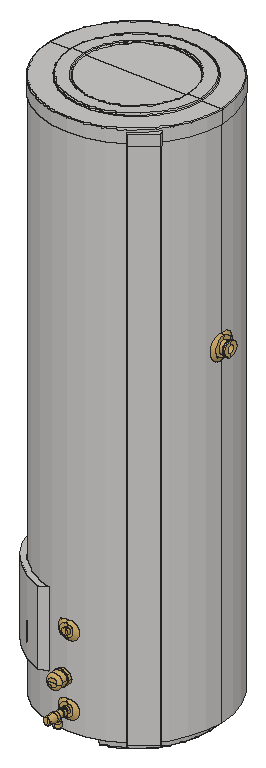
Revit family "HVAC_Water-Heaters_Enertech_CTC_Modul-400-L", category Specialty Equipment, Revit 2018
Family settings
  Round Connector Dimension = Use Diameter
  Part Type = Normal
  OmniClass Number = 23.75.00.00
  OmniClass Title = Climate Control (HVAC)
  Work Plane-Based = No
  Always vertical = No
  Cut with Voids When Loaded = No
  Shared = No
  Room Calculation Point = No
Parameters (values of type "CTC Modul 400 L")
  Weight = "58 kg"
  WaterVolumeWaterSuply = "380 liters"
  WaterVolumeHeathingSystem = "N/A"
  WarrantyStartDate [instance] = "n/a"
  WarrantyGuarantorParts = "n/a"
  WarrantyGuarantorLabor = "n/a"
  WarrantyDurationUnit = "Year"
  WarrantyDurationParts = "n/a"
  WarrantyDurationLabor = "n/a"
  WarrantyDescription = "n/a"
  VersionDate = "24/05/2022"  # constant formula
  Version = "1"  # constant formula
  UsageCurrent = 0 A
  Uniclass2015Reference = "Pr_40_70_65"
  Uniclass2015Description = "Preparation catering equipment"
  Uniclass2 = "Pr_40_70_65"
  URL = "https://ctc.se/produkter/varmvattenberedare/ctc-modul"
  UNSPSCCode = "40101825"
  Type Comments = ""
  Touchscreen = "no"
  TagNumber [instance] = "n/a"
  SustainabilityPerformance = "n/a"
  Status = "n/a"
  SpecifiedOutput = "N/A"
  SoundPowerLWA = "N/A"
  Sound pressureLPA 5m = "N/A"
  Sound pressureLPA 1m = "N/A"
  Sound pressureLPA 10m = "N/A"
  Size = "Ø 646 x 2132 mm"
  Shape = "round"
  SerialNumber [instance] = "7225 xxxx xxxx"
  SCOPWarm = "N/A"
  SCOPModerate = "N/A"
  SCOPCold = "N/A"
  Revision = "n/a"  # constant formula
  ReplacementCost = "n/a"
  RefrigerantType = "N/A"
  RefrigerantQuantity = "N/A"
  ReferenceAirFlowRate = "N/A"
  Reference = "n/a"
  RatedVoltage = 1200 V
  RatedHeatOutputModerate = "N/A"
  RatedCurrent = 1 A
  PumpSecondaryMaterial = Brass
  PumpMainMaterial = Stainless Steel
  ProductInformation = "A stainless steel hot water heater, specially developed for high hot water demands, suitable for use together with heat pumps, solar panels or other external heat sources. \nThe series comprises of heaters and a tank, which can be easily connected in series to the capacity of your choice. "
  Product data url = ""
  PowerFactor = 0 W
  PhaseReference = "n/a"
  PhaseAngle = 0.00°
  OutputRangeIimmersionHeater = "N/A"
  OutputRange = "N/A"
  NumberOfPoles = 1
  NominalWidth = 652 mm
  NominalVoltage = 1 V
  NominalHeight = 2143.929 mm
  NominalFrequencyRange = 1 Hz
  NominalDepth = 652 mm
  NominalCurrent = 0 A
  Nominal air flow = "N/A"
  Name = "CTC_Modul-400-L"  # constant formula
  NBSReference = "90-40-40/320"
  NBSDescription = "Air to water heat pumps"
  ModelReference = "n/a"
  ModelNumber = "589802001"
  MinimumCeilingHeight = "2210 mm"
  MaxStartingCurrent = "N/A"
  MaxOperatingPressureThermalStore = "N/A"
  MaxOperatingPressureHotWater = "10 bar"
  Material = "Steel"
  ManufacturerURL = "https://ctc.se/"
  ManufacturerName = "Enertech AB"
  Model = "CTC Modul 400 L"
  ManufacturerCountry = "Sweden"
  Manufacturer = "Enertech AB"
  InsulationStandardClass = "n/a"
  InstallationDate [instance] = "n/a"
  InPutPower = "N/A"
  IfcExportType = "HEATER"  # constant formula
  IfcExportAs = "IfcElectricalDeviceCommon"  # constant formula
  IP_Code = "IP44"
  HotTapWaterPerformance = "N/A"
  HasProtectiveEarth = yes
  GroupFuse = "N/A"
  Grade = "n/a"
  Finish = "n/a"
  Features = "n/a"
  ExpectedLife = "n/a"
  EnergyClass_HotWater_TapProfile = "A/XL"
  EnergyClassHeatingWithoutControl = "N/A"
  EnergyClassHeatingWithControl = "N/A"
  ElectricalDeviceNominalPower = 1 W
  EER A35: W7/W18 = "N/A"
  EER A27: W7/W18 = "N/A"
  EANNumber = "7333077095482"
  DurationUnit = "Year"
  Description = "A stainless steel hot water heater, specially developed for high hot water demands, suitable for use together with heat pumps, solar panels or other external heat sources. \nThe series comprises of heaters and a tank, which can be easily connected in series to the capacity of your choice. "
  Cost = 0
  CoolingCapacity A27: W7/W18 = "N/A"
  Cooling capacity A35: W7/W18 = "N/A"
  Constituents = "n/a"
  ConductorFunction = "n/a"
  Color = "white"
  CodePerformance = "n/a"
  Capacity = "N/A"
  COP = "N/A"
  CO2Equivalent = "N/A"
  BrineSystem_Min_MaxPressure = "N/A"
  Barcode [instance] = "n/a"
  AssetIdentifier [instance] = "n/a"
  Category = "Water heater"
  Brand = "CTC"
  BIMObjectName = "HVAC_Water-Heaters_Enertech_CTC_Modul-400-L"  # constant formula
  Author = "BIMStone"  # constant formula
  AssetType = "Fixed"
  Artikel nr. = ""
  AirFlow = "N/A"
  Accessories = ""
  AccessibilityPerformance = "n/a"
Reference planes
  plane 1 "Center (Front/Back)": y = 0
  plane 2: z = 0
  plane 3 "Center (Left/Right)": x = 0
  plane 4: z = 2143.929
  plane 5: y = 326
  plane 6: y = -326
  plane 7: x = -326
  plane 8: x = 326
Dimensions and locks
  "NominalHeight": plane 4 to level
  equal spacing: plane 5, plane 1 "Center (Front/Back)", plane 6
  "NominalDepth": plane 5 to plane 6
  equal spacing: plane 7, plane 3 "Center (Left/Right)", plane 8
  "NominalWidth": plane 7 to plane 8
  aligned and locked: level to plane 2
Nested families
  nested 1: "Modul-400-E15" at (0, 0, 0), Body <- "PumpMainMaterial", Connections <- "PumpSecondaryMaterial", Detail <- "PumpMainMaterial", type "Modul-400-E15"
    with Detail Stainless Steel, Connections Brass, Body Stainless Steel
Connectors
  electrical at (0, 88.258, 11.929), driven by "NominalVoltage"
    settings: on nested 1, index 1, voltage 1 V, apparent load 0 VA, apparent load phase1 0 VA, apparent load phase2 0 VA, apparent load phase3 0 VA, power factor 1, load classification "Other", number of poles 1, system type 31, power factor state 1, is connector primary yes, connector utility no, sub classification motor no, connector description ""
Definition of nested family "Modul-400-E15"
  Parameters (values of type "Modul-400-E15")
    Detail [instance] = none
    Connections [instance] = none
    Body [instance] = none
  Reference planes
    plane 1 "Center (Front/Back)": y = 0
    plane 2: z = 0
    plane 3 "Center (Left/Right)": x = 0
    plane 4: z = 2143.929
    plane 5: x = -326
    plane 6: x = 326
    plane 7: y = -326
    plane 8: y = 326
  Forms (mm)
    Revolve 1, solid, material <- "Body", detail levels medium+fine
      sketch origin (0, 0, 0) x (1, 0, 0) y (0, 0, 1)
        loop
          line (0, 2088.1) -> (-323, 2088.1) -> (-323, 56.6) -> (0, 56.6) -> (0, 2088.1)
        axis (0, 56.6) -> (0, 2088.1)
      angle from 0 to 360
    Extrusion 2, void
      sketch origin (0, 0, 0) x (1, 0, 0) y (0, 1, 0)
        loop
          line (-65.389, -203.149) -> (-78.498, -292.329) -> (78.498, -292.329) -> (65.389, -203.149) -> (208.301, 292.329) -> (185.67, 292.329) -> (50.916, -173.945)
          arc (50.916, -173.945) -> (0, -212.23) -> (-50.916, -173.945) r 53
          line (-50.916, -173.945) -> (-185.67, 292.329) -> (-208.301, 292.329) -> (-65.389, -203.149)
      from 0 to 40
    Revolve 3, solid, material <- "Detail", detail levels medium+fine
      sketch origin (0, 223.5, 0) x (1, 0, 0) y (0, 0, 1)
        loop
          line (0, 0) -> (0, 22.972)
          arc (0, 22.972) -> (-7.73, 18.865) -> (-14.115, 12.878) r 33.139
          arc (-14.115, 12.878) -> (-16.138, 8.669) -> (-16.018, 4) r 9.947
          line (-16.018, 4) -> (-23.523, 4) -> (-23.523, 0) -> (0, 0)
        axis (0, 22.972) -> (0, 0)
      angle from 0 to 360
    Revolve 4, solid, material <- "Detail", detail levels medium+fine
      sketch origin (193.557, -111.75, 0) x (-0.5, -0.866025, 0) y (0, 0, 1)
        loop
          line (0, 0) -> (0, 22.972)
          arc (0, 22.972) -> (-7.73, 18.865) -> (-14.115, 12.878) r 33.139
          arc (-14.115, 12.878) -> (-16.138, 8.669) -> (-16.018, 4) r 9.947
          line (-16.018, 4) -> (-23.523, 4) -> (-23.523, 0) -> (0, 0)
        axis (0, 22.972) -> (0, 0)
      angle from 0 to 360
    Revolve 5, solid, material <- "Detail", detail levels medium+fine
      sketch origin (-193.557, -111.75, 0) x (0.5, -0.866025, 0) y (0, 0, -1)
        loop
          line (0, 0) -> (-23.523, 0) -> (-23.523, -4) -> (-16.018, -4)
          arc (-16.018, -4) -> (-16.138, -8.669) -> (-14.115, -12.878) r 9.947
          arc (-14.115, -12.878) -> (-7.73, -18.865) -> (0, -22.972) r 33.139
          line (0, -22.972) -> (0, 0)
        axis (0, -22.972) -> (0, 0)
      angle from 0 to 360
    Extrusion 6, solid, material <- "Detail", detail levels medium+fine
      sketch origin (0, 0, 0) x (1, 0, 0) y (0, 1, 0)
        loop
          arc (-333.465, -84.481) -> (-253.623, -232.403) -> (-113.223, -324.833) r 344
          line (-113.223, -324.833) -> (-82.763, -312.217)
          arc (-82.763, -312.217) -> (-238.141, -218.216) -> (-318.242, -55.237) r 323
          line (-318.242, -55.237) -> (-333.465, -84.481)
      from 228.199 to 511.135
    Revolve 7, solid, material <- "Connections", detail levels medium+fine
      sketch origin (-41.555, 0, 0) x (1, 0, 0) y (0, 0, 1)
        loop
          line (-315.295, 1361.3) -> (-315.295, 1350.3) -> (-273.295, 1350.3) -> (-273.295, 1390.8) -> (-288.295, 1370.8) -> (-288.295, 1358.3) -> (-303.295, 1358.3)
          arc (-303.295, 1358.3) -> (-303.588, 1357.593) -> (-304.295, 1357.3) r 1
          line (-304.295, 1357.3) -> (-308.795, 1357.3) -> (-310.595, 1361.3) -> (-315.295, 1361.3)
        loop
          line (398.405, 1361.3) -> (393.705, 1361.3) -> (391.905, 1357.3) -> (387.405, 1357.3)
          arc (387.405, 1357.3) -> (386.698, 1357.593) -> (386.405, 1358.3) r 1
          line (386.405, 1358.3) -> (371.405, 1358.3) -> (371.405, 1370.8) -> (356.405, 1390.8) -> (356.405, 1350.3) -> (398.405, 1350.3) -> (398.405, 1361.3)
        axis (398.405, 1334.156) -> (-315.295, 1334.156)
      angle from 0 to 360
    Revolve 8, solid, material <- "Connections", detail levels medium+fine
      sketch origin (0, -39.85, 0) x (0, 1, 0) y (0, 0, 1)
        loop
          line (-382, 145.3) -> (-382, 132.761) -> (-279.601, 132.761) -> (-279.601, 171.665) -> (-290, 157.8) -> (-290, 145.295) -> (-301, 145.295) -> (-301, 143.8)
          arc (-301, 143.8) -> (-301.146, 144.154) -> (-301.5, 144.3) r 0.5
          line (-301.5, 144.3) -> (-303, 144.3) -> (-304, 144.8) -> (-305.002, 144.8) -> (-305.002, 145.8)
          arc (-305.002, 145.8) -> (-305.148, 146.154) -> (-305.502, 146.3) r 0.5
          line (-305.502, 146.3) -> (-314, 146.3) -> (-314, 142.3) -> (-318, 142.3) -> (-318, 143.55) -> (-321, 143.55) -> (-321, 145.3) -> (-338.5, 145.3) -> (-341, 148.3) -> (-353, 148.3) -> (-382, 145.3)
        axis (-279.601, 132.761) -> (-382, 132.761)
      angle from 0 to 360
    Revolve 9, solid, material <- "Connections", detail levels medium+fine
      sketch origin (0, -39.85, 0) x (0, 1, 0) y (0, 0, 1)
        loop
          line (-333, 132.761) -> (-342.646, 132.761) -> (-342.646, 116.154) -> (-343.5, 115.3) -> (-343.5, 106.8) -> (-346.5, 106.8) -> (-346.5, 97.8) -> (-345, 97.8) -> (-345, 96.8) -> (-344.5, 95.8) -> (-344.5, 94.3)
          arc (-344.5, 94.3) -> (-344.354, 93.946) -> (-344, 93.8) r 0.5
          line (-344, 93.8) -> (-333, 93.8) -> (-333, 132.761)
        axis (-333, 93.8) -> (-333, 132.761)
      angle from 0 to 360
    Revolve 10, solid, material <- "Connections", detail levels medium+fine
      sketch origin (0, 0, 236.341) x (1, 0, 0) y (0, 1, 0)
        loop
          line (-18.613, -302.394) -> (-47.538, -302.394) -> (-47.538, -332.876) -> (-41.904, -332.876) -> (-41.904, -340.373) -> (-45.808, -340.373) -> (-45.808, -362.394)
          arc (-45.808, -362.394) -> (-42.879, -369.466) -> (-35.808, -372.394) r 10
          line (-35.808, -372.394) -> (-18.613, -372.394) -> (-18.613, -302.394)
        axis (-18.613, -302.394) -> (-18.613, -372.394)
      angle from 0 to 360
    Revolve 11, solid, material <- "Detail", detail levels medium+fine
      sketch origin (0, 0, 0) x (1, 0, 0) y (0, 0, 1)
        loop
          line (0, 11.929) -> (0, 101.6) -> (-287.469, 101.6) -> (-292.329, 81.456)
          arc (-292.329, 81.456) -> (-290.737, 79.176) -> (-288.25, 77.931) r 5.65
          arc (-288.25, 77.931) -> (-285.009, 45.784) -> (-278.387, 14.16) r 305.049
          arc (-278.387, 14.16) -> (-277.316, 12.551) -> (-275.487, 11.929) r 3
          line (-275.487, 11.929) -> (0, 11.929)
        loop
          line (-326, 2088.1) -> (0, 2088.1) -> (0, 2138.1) -> (-192.26, 2138.1)
          arc (-192.26, 2138.1) -> (-194.205, 2138.906) -> (-195.011, 2140.851) r 2.751
          arc (-195.011, 2140.851) -> (-195.816, 2142.795) -> (-197.76, 2143.6) r 2.749
          line (-197.76, 2143.6) -> (-242.261, 2143.6)
          arc (-242.261, 2143.6) -> (-244.205, 2142.795) -> (-245.011, 2140.851) r 2.749
          arc (-245.011, 2140.851) -> (-245.816, 2138.906) -> (-247.761, 2138.1) r 2.751
          line (-247.761, 2138.1) -> (-323, 2138.1)
          arc (-323, 2138.1) -> (-325.121, 2137.221) -> (-326, 2135.1) r 3
          line (-326, 2135.1) -> (-326, 2088.1)
        axis (0, 11.929) -> (0, 2143.6)
      angle from 0 to 360
    Extrusion 12, solid, material <- "Body", detail levels coarse
      sketch origin (0, 0, 0) x (1, 0, 0) y (0, 1, 0)
        loop
          line (-326, 326) -> (-326, -326) -> (326, -326) -> (326, 326) -> (-326, 326)
      from 0 to 2143.929
    Extrusion 13, solid, material <- "Detail", detail levels medium+fine
      sketch origin (0, 0, 0) x (1, 0, 0) y (0, 1, 0)
        loop
          line (-266.595, 216.188) -> (-245.99, 193.701) -> (-171.525, 261.936) -> (-192.13, 284.423)
          arc (-192.13, 284.423) -> (-193.171, 284.908) -> (-194.25, 284.515) r 1.5
          line (-194.25, 284.515) -> (-266.503, 218.308)
          arc (-266.503, 218.308) -> (-266.988, 217.267) -> (-266.595, 216.188) r 1.5
        loop
          arc (266.503, -218.308) -> (266.988, -217.267) -> (266.595, -216.188) r 1.5
          line (266.595, -216.188) -> (245.99, -193.701) -> (171.525, -261.936) -> (192.13, -284.423)
          arc (192.13, -284.423) -> (193.171, -284.908) -> (194.25, -284.516) r 1.5
          line (194.25, -284.516) -> (266.503, -218.308)
      from 56.6 to 2088.1
    Extrusion 14, solid, material <- "Detail", detail levels medium+fine
      sketch origin (0, 0, 0) x (1, 0, 0) y (0, 1, 0)
        loop
          line (246.082, -191.582) -> (169.406, -261.844) -> (191.024, -285.436)
          arc (191.024, -285.436) -> (193.105, -286.407) -> (195.263, -285.621) r 3
          line (195.263, -285.621) -> (267.516, -219.414)
          arc (267.516, -219.414) -> (268.487, -217.333) -> (267.701, -215.175) r 3
          line (267.701, -215.175) -> (246.082, -191.582)
        loop
          line (-246.082, 191.582) -> (-169.406, 261.843) -> (-191.024, 285.436)
          arc (-191.024, 285.436) -> (-193.105, 286.407) -> (-195.263, 285.621) r 3
          line (-195.263, 285.621) -> (-267.516, 219.414)
          arc (-267.516, 219.414) -> (-268.487, 217.333) -> (-267.701, 215.175) r 3
          line (-267.701, 215.175) -> (-246.082, 191.582)
      from 2128.794 to 2088.1
    Revolve 15, solid, material <- "Connections", detail levels medium+fine
      sketch origin (0, -39.85, 268.539) x (0, 1, 0) y (0, 0, 1)
        loop
          line (-279.601, 132.761) -> (-279.601, 171.665) -> (-290, 157.8) -> (-290, 145.295) -> (-298, 145.295) -> (-298, 132.761) -> (-279.601, 132.761)
        axis (-279.601, 132.761) -> (-298, 132.761)
      angle from 0 to 360
  Cuts and joins
    Extrusion 2 cuts Revolve 11
    joined: Revolve 8, Revolve 9
  Lines and regions (mm)
    symbolic lines, detail levels medium+fine
      curve 1: arc (0, 278.387, 14.16) -> (0, 283.188, 35.236) -> (0, 286.485, 56.6) r 305.049
      curve 2: line (0, 0, 11.929) -> (0, 208.699, 11.929)
      curve 3: arc (0, 275.487, 11.929) -> (0, 277.316, 12.551) -> (0, 278.387, 14.16) r 3
      curve 4: arc (0, -278.387, 14.16) -> (0, -283.188, 35.236) -> (0, -286.485, 56.6) r 305.049
      curve 5: line (0, 0, 11.929) -> (0, -96.949, 11.929)
      curve 6: arc (0, -275.487, 11.929) -> (0, -277.316, 12.551) -> (0, -278.387, 14.16) r 3
      curve 7: arc (0, 239.518, 4) -> (0, 239.744, 8.093) -> (0, 238.301, 11.929) r 9.947
      curve 8: line (0, 223.5, 0) -> (0, 247.023, 0)
      curve 9: line (0, 247.023, 0) -> (0, 247.023, 4)
      curve 10: line (0, 247.023, 4) -> (0, 239.518, 4)
      curve 11: arc (0, 207.482, 4) -> (0, 207.256, 8.093) -> (0, 208.699, 11.929) r 9.947
      curve 12: line (0, 223.5, 0) -> (0, 199.977, 0)
      curve 13: line (0, 199.977, 0) -> (0, 199.977, 4)
      curve 14: line (0, 199.977, 4) -> (0, 207.482, 4)
      curve 15: arc (0, -95.732, 4) -> (0, -95.506, 8.093) -> (0, -96.949, 11.929) r 9.947
      curve 16: line (0, -111.75, 0) -> (0, -88.227, 0)
      curve 17: line (0, -88.227, 0) -> (0, -88.227, 4)
      curve 18: line (0, -88.227, 4) -> (0, -95.732, 4)
      curve 19: arc (0, -127.768, 4) -> (0, -127.994, 8.093) -> (0, -126.551, 11.929) r 9.947
      curve 20: line (0, -111.75, 0) -> (0, -135.273, 0)
      curve 21: line (0, -135.273, 0) -> (0, -135.273, 4)
      curve 22: line (0, -135.273, 4) -> (0, -127.768, 4)
      curve 23: arc (-286.485, 0, 56.6) -> (-283.188, 0, 35.236) -> (-278.387, 0, 14.16) r 305.049
      curve 24: arc (-278.387, 0, 14.16) -> (-277.316, 0, 12.551) -> (-275.487, 0, 11.929) r 3
      curve 25: line (-275.487, 0, 11.929) -> (-208.358, 0, 11.929)
      curve 26: arc (-208.358, 0, 11.929) -> (-209.801, 0, 8.093) -> (-209.574, 0, 4) r 9.947
      curve 27: line (-209.574, 0, 4) -> (-217.08, 0, 4)
      curve 28: line (-217.08, 0, 4) -> (-217.08, 0, 0)
      curve 29: line (-217.08, 0, 0) -> (-193.557, 0, 0)
      curve 30: arc (-178.756, 0, 11.929) -> (-177.313, 0, 8.093) -> (-177.539, 0, 4) r 9.947
      curve 31: line (-177.539, 0, 4) -> (-170.034, 0, 4)
      curve 32: line (-170.034, 0, 4) -> (-170.034, 0, 0)
      curve 33: line (-170.034, 0, 0) -> (-193.557, 0, 0)
      curve 35: line (-178.756, 0, 11.929) -> (-14.801, 0, 11.929)
      curve 39: line (-356.85, 0, 1361.3) -> (-356.85, 0, 1334.156)
      curve 40: line (-323, 0, 1379.933) -> (-329.85, 0, 1370.8)
      curve 41: line (-329.85, 0, 1370.8) -> (-329.85, 0, 1358.3)
      curve 42: line (-329.85, 0, 1358.3) -> (-344.85, 0, 1358.3)
      curve 43: arc (-344.85, 0, 1358.3) -> (-345.143, 0, 1357.593) -> (-345.85, 0, 1357.3) r 1
      curve 44: line (-345.85, 0, 1357.3) -> (-350.35, 0, 1357.3)
      curve 45: line (-350.35, 0, 1357.3) -> (-352.15, 0, 1361.3)
      curve 46: line (-352.15, 0, 1361.3) -> (-356.85, 0, 1361.3)
      curve 49: line (-356.85, 0, 1307.012) -> (-356.85, 0, 1334.156)
      curve 50: line (-329.85, 0, 1297.512) -> (-329.85, 0, 1310.012)
      curve 51: line (-329.85, 0, 1310.012) -> (-344.85, 0, 1310.012)
      curve 52: arc (-344.85, 0, 1310.012) -> (-345.143, 0, 1310.72) -> (-345.85, 0, 1311.012) r 1
      curve 53: line (-345.85, 0, 1311.012) -> (-350.35, 0, 1311.012)
      curve 54: line (-350.35, 0, 1311.012) -> (-352.15, 0, 1307.012)
      curve 55: line (-352.15, 0, 1307.012) -> (-356.85, 0, 1307.012)
      curve 100: line (0, -360.85, 145.3) -> (0, -378.35, 145.3)
      curve 101: line (0, -378.35, 145.3) -> (0, -380.85, 148.3)
      curve 102: line (0, -380.85, 148.3) -> (0, -392.85, 148.3)
      curve 103: line (0, -392.85, 148.3) -> (0, -421.85, 145.3)
      curve 104: line (0, -421.85, 145.3) -> (0, -421.85, 132.761)
      curve 105: line (0, -329.85, 145.295) -> (0, -340.85, 145.295)
      curve 106: line (0, -340.85, 143.8) -> (0, -340.85, 145.295)
      curve 107: arc (0, -340.85, 143.8) -> (0, -340.996, 144.154) -> (0, -341.35, 144.3) r 0.5
      curve 108: line (0, -341.35, 144.3) -> (0, -342.85, 144.3)
      curve 109: line (0, -342.85, 144.3) -> (0, -343.85, 144.8)
      curve 110: line (0, -343.85, 144.8) -> (0, -344.852, 144.8)
      curve 111: line (0, -344.852, 144.8) -> (0, -344.852, 145.8)
      curve 112: arc (0, -344.852, 145.8) -> (0, -344.998, 146.154) -> (0, -345.352, 146.3) r 0.5
      curve 113: line (0, -345.352, 146.3) -> (0, -353.85, 146.3)
      curve 114: line (0, -353.85, 146.3) -> (0, -353.85, 142.3)
      curve 115: line (0, -353.85, 142.3) -> (0, -357.85, 142.3)
      curve 116: line (0, -357.85, 142.3) -> (0, -357.85, 143.55)
      curve 117: line (0, -357.85, 143.55) -> (0, -360.85, 143.55)
      curve 118: line (0, -360.85, 143.55) -> (0, -360.85, 145.3)
      curve 124: line (0, -360.85, 120.221) -> (0, -363.204, 120.221)
      curve 127: line (0, -392.85, 117.221) -> (0, -421.85, 120.221)
      curve 128: line (0, -421.85, 120.221) -> (0, -421.85, 132.761)
      curve 129: line (0, -329.85, 120.227) -> (0, -340.85, 120.227)
      curve 130: line (0, -340.85, 121.721) -> (0, -340.85, 120.227)
      curve 131: arc (0, -340.85, 121.721) -> (0, -340.996, 121.368) -> (0, -341.35, 121.221) r 0.5
      curve 132: line (0, -341.35, 121.221) -> (0, -342.85, 121.221)
      curve 133: line (0, -342.85, 121.221) -> (0, -343.85, 120.721)
      curve 134: line (0, -343.85, 120.721) -> (0, -344.852, 120.721)
      curve 135: line (0, -344.852, 120.721) -> (0, -344.852, 119.721)
      curve 136: arc (0, -344.852, 119.721) -> (0, -344.998, 119.368) -> (0, -345.352, 119.221) r 0.5
      curve 137: line (0, -345.352, 119.221) -> (0, -353.85, 119.221)
      curve 138: line (0, -353.85, 119.221) -> (0, -353.85, 123.221)
      curve 139: line (0, -353.85, 123.221) -> (0, -357.85, 123.221)
      curve 140: line (0, -357.85, 123.221) -> (0, -357.85, 121.971)
      curve 141: line (0, -357.85, 121.971) -> (0, -360.85, 121.971)
      curve 142: line (0, -360.85, 121.971) -> (0, -360.85, 120.221)
      curve 148: line (0, -383.35, 115.3) -> (0, -383.35, 106.8)
      curve 149: line (0, -383.35, 106.8) -> (0, -386.35, 106.8)
      curve 150: line (0, -386.35, 106.8) -> (0, -386.35, 97.8)
      curve 151: line (0, -386.35, 97.8) -> (0, -384.85, 97.8)
      curve 152: line (0, -384.85, 97.8) -> (0, -384.85, 96.8)
      curve 153: line (0, -384.85, 96.8) -> (0, -384.35, 95.8)
      curve 154: line (0, -384.35, 95.8) -> (0, -384.35, 94.3)
      curve 155: arc (0, -384.35, 94.3) -> (0, -384.204, 93.946) -> (0, -383.85, 93.8) r 0.5
      curve 156: line (0, -383.85, 93.8) -> (0, -372.85, 93.8)
      curve 157: line (0, -382.496, 117.221) -> (0, -382.496, 116.154)
      curve 158: line (0, -382.496, 116.154) -> (0, -383.35, 115.3)
      curve 163: line (0, -362.35, 115.3) -> (0, -362.35, 106.8)
      curve 164: line (0, -362.35, 106.8) -> (0, -359.35, 106.8)
      curve 165: line (0, -359.35, 106.8) -> (0, -359.35, 97.8)
      curve 166: line (0, -359.35, 97.8) -> (0, -360.85, 97.8)
      curve 167: line (0, -360.85, 97.8) -> (0, -360.85, 96.8)
      curve 168: line (0, -360.85, 96.8) -> (0, -361.35, 95.8)
      curve 169: line (0, -361.35, 95.8) -> (0, -361.35, 94.3)
      curve 170: arc (0, -361.35, 94.3) -> (0, -361.496, 93.946) -> (0, -361.85, 93.8) r 0.5
      curve 171: line (0, -361.85, 93.8) -> (0, -372.85, 93.8)
      curve 172: line (0, -363.204, 120.221) -> (0, -363.204, 116.154)
      curve 173: line (0, -363.204, 116.154) -> (0, -362.35, 115.3)
      curve 178: line (0, -382.496, 117.221) -> (0, -392.85, 117.221)
      curve 182: line (-12.539, -421.85, 0) -> (-15.539, -392.85, 0)
      curve 183: line (-15.539, -392.85, 0) -> (-15.539, -380.85, 0)
      curve 184: line (-15.539, -380.85, 0) -> (-12.539, -378.35, 0)
      curve 185: line (-12.539, -378.35, 0) -> (-12.539, -372.394, 0)
      curve 186: line (0, -421.85, 0) -> (-12.539, -421.85, 0)
      curve 188: line (-323, 0, 1288.379) -> (-329.85, 0, 1297.512)
      curve 189: line (-247.761, 0, 2138.1) -> (-323, 0, 2138.1)
      curve 190: arc (-323, 0, 2138.1) -> (-325.121, 0, 2137.221) -> (-326, 0, 2135.1) r 3
      curve 191: line (-326, 0, 2135.1) -> (-326, 0, 2088.1)
      curve 192: line (-326, 0, 2088.1) -> (-323, 0, 2088.1)
      curve 193: line (0, 0, 2143.6) -> (-242.261, 0, 2143.6)
      curve 194: arc (-242.261, 0, 2143.6) -> (-244.205, 0, 2142.795) -> (-245.011, 0, 2140.851) r 2.749
      curve 195: arc (-245.011, 0, 2140.851) -> (-245.816, 0, 2138.906) -> (-247.761, 0, 2138.1) r 2.751
      curve 196: line (-323, 0, 2088.1) -> (-323, 0, 1379.933)
      curve 198: line (-323, 0, 1288.379) -> (-323, 0, 551.019)
      curve 199: line (-323, 0, 56.6) -> (-286.485, 0, 56.6)
      curve 200: arc (286.485, 0, 56.6) -> (283.188, 0, 35.236) -> (278.387, 0, 14.16) r 305.049
      curve 201: arc (278.387, 0, 14.16) -> (277.316, 0, 12.551) -> (275.487, 0, 11.929) r 3
      curve 202: line (275.487, 0, 11.929) -> (208.358, 0, 11.929)
      curve 203: arc (208.358, 0, 11.929) -> (209.801, 0, 8.093) -> (209.574, 0, 4) r 9.947
      curve 204: line (209.574, 0, 4) -> (217.08, 0, 4)
      curve 205: line (217.08, 0, 4) -> (217.08, 0, 0)
      curve 206: line (217.08, 0, 0) -> (193.557, 0, 0)
      curve 207: arc (178.756, 0, 11.929) -> (177.313, 0, 8.093) -> (177.539, 0, 4) r 9.947
      curve 208: line (177.539, 0, 4) -> (170.034, 0, 4)
      curve 209: line (170.034, 0, 4) -> (170.034, 0, 0)
      curve 210: line (170.034, 0, 0) -> (193.557, 0, 0)
      curve 212: line (178.756, 0, 11.929) -> (14.801, 0, 11.929)
      curve 214: line (356.85, 0, 1361.3) -> (356.85, 0, 1334.156)
      curve 215: line (323, 0, 1379.933) -> (329.85, 0, 1370.8)
      curve 216: line (329.85, 0, 1370.8) -> (329.85, 0, 1358.3)
      curve 217: line (329.85, 0, 1358.3) -> (344.85, 0, 1358.3)
      curve 218: arc (344.85, 0, 1358.3) -> (345.143, 0, 1357.593) -> (345.85, 0, 1357.3) r 1
      curve 219: line (345.85, 0, 1357.3) -> (350.35, 0, 1357.3)
      curve 220: line (350.35, 0, 1357.3) -> (352.15, 0, 1361.3)
      curve 221: line (352.15, 0, 1361.3) -> (356.85, 0, 1361.3)
      curve 224: line (356.85, 0, 1307.012) -> (356.85, 0, 1334.156)
      curve 225: line (329.85, 0, 1297.512) -> (329.85, 0, 1310.012)
      curve 226: line (329.85, 0, 1310.012) -> (344.85, 0, 1310.012)
      curve 227: arc (344.85, 0, 1310.012) -> (345.143, 0, 1310.72) -> (345.85, 0, 1311.012) r 1
      curve 228: line (345.85, 0, 1311.012) -> (350.35, 0, 1311.012)
      curve 229: line (350.35, 0, 1311.012) -> (352.15, 0, 1307.012)
      curve 230: line (352.15, 0, 1307.012) -> (356.85, 0, 1307.012)
      curve 235: line (323, 0, 1288.379) -> (329.85, 0, 1297.512)
      curve 236: line (247.761, 0, 2138.1) -> (323, 0, 2138.1)
      curve 237: arc (323, 0, 2138.1) -> (325.121, 0, 2137.221) -> (326, 0, 2135.1) r 3
      curve 238: line (326, 0, 2135.1) -> (326, 0, 2088.1)
      curve 239: line (326, 0, 2088.1) -> (323, 0, 2088.1)
      curve 240: line (0, 0, 2143.6) -> (242.261, 0, 2143.6)
      curve 241: arc (242.261, 0, 2143.6) -> (244.205, 0, 2142.795) -> (245.011, 0, 2140.851) r 2.749
      curve 242: arc (245.011, 0, 2140.851) -> (245.816, 0, 2138.906) -> (247.761, 0, 2138.1) r 2.751
      curve 243: line (323, 0, 2088.1) -> (323, 0, 1379.933)
      curve 245: line (323, 0, 1288.379) -> (323, 0, 56.6)
      curve 246: line (323, 0, 56.6) -> (286.485, 0, 56.6)
      curve 247: arc (-14.801, 0, 11.929) -> (-16.244, 0, 8.093) -> (-16.018, 0, 4) r 9.947
      curve 248: line (-16.018, 0, 4) -> (-23.523, 0, 4)
      curve 249: line (-23.523, 0, 4) -> (-23.523, 0, 0)
      curve 250: line (-23.523, 0, 0) -> (0, 0, 0)
      curve 251: arc (14.801, 0, 11.929) -> (16.244, 0, 8.093) -> (16.018, 0, 4) r 9.947
      curve 252: line (16.018, 0, 4) -> (23.523, 0, 4)
      curve 253: line (23.523, 0, 4) -> (23.523, 0, 0)
      curve 254: line (23.523, 0, 0) -> (0, 0, 0)
      curve 266: line (-333.181, 0, 483.156) -> (-333.181, 0, 237.676)
      curve 271: spline (-326.73, 0, 550.836) -> (-326.506, 0, 550.852) -> (-326.266, 0, 550.868) -> (-326.011, 0, 550.884) -> (-325.74, 0, 550.899) -> (-325.452, 0, 550.915) -> (-325.149, 0, 550.93) -> (-324.831, 0, 550.946) -> (-324.496, 0, 550.961) -> (-324.146, 0, 550.975) -> (-323.78, 0, 550.99) -> (-323.398, 0, 551.005) -> (-323, 0, 551.019)
      curve 272: line (-326.73, 0, 550.836) -> (-326.73, 0, 501.357)
      curve 273: spline (-333.181, 0, 237.676) -> (-332.643, 0, 237.348) -> (-332.106, 0, 237.02) -> (-331.568, 0, 236.693) -> (-331.031, 0, 236.365) -> (-330.493, 0, 236.038) -> (-329.956, 0, 235.711) -> (-329.418, 0, 235.384) -> (-328.88, 0, 235.058) -> (-328.343, 0, 234.732) -> (-327.805, 0, 234.406) -> (-327.267, 0, 234.08) -> (-326.73, 0, 233.754)
      curve 274: line (-326.73, 0, 233.754) -> (-326.73, 0, 193.241)
      curve 275: line (-323, 0, 193.237) -> (-323, 0, 56.6)
      curve 277: line (-323, 0, 193.237) -> (-326.73, 0, 193.241)
      curve 279: line (-326.73, 0, 501.357) -> (-333.181, 0, 483.156)
      curve 289: line (0, 323, 56.6) -> (0, 286.485, 56.6)
      curve 291: line (0, 323, 2088.1) -> (0, 323, 56.6)
      curve 292: arc (0, 326, 2135.1) -> (0, 325.121, 2137.221) -> (0, 323, 2138.1) r 3
      curve 293: line (0, 323, 2138.1) -> (0, 247.761, 2138.1)
      curve 294: arc (0, 247.761, 2138.1) -> (0, 245.816, 2138.906) -> (0, 245.011, 2140.851) r 2.751
      curve 295: arc (0, 245.011, 2140.851) -> (0, 244.205, 2142.795) -> (0, 242.261, 2143.6) r 2.749
      curve 296: line (0, 242.261, 2143.6) -> (0, 197.76, 2143.6)
      curve 297: arc (0, 197.76, 2143.6) -> (0, 195.816, 2142.795) -> (0, 195.011, 2140.851) r 2.749
      curve 298: arc (0, 195.011, 2140.851) -> (0, 194.205, 2138.906) -> (0, 192.26, 2138.1) r 2.751
      curve 299: line (0, 192.26, 2138.1) -> (0, 0, 2138.1)
      curve 300: line (0, 326, 2088.1) -> (0, 326, 2135.1)
      curve 301: line (0, 323, 2088.1) -> (0, 326, 2088.1)
      curve 302: line (0, -323, 56.6) -> (0, -286.485, 56.6)
      curve 304: line (0, -323, 2088.1) -> (0, -323, 435.473)
      curve 305: arc (0, -326, 2135.1) -> (0, -325.121, 2137.221) -> (0, -323, 2138.1) r 3
      curve 306: line (0, -323, 2138.1) -> (0, -247.761, 2138.1)
      curve 307: arc (0, -247.761, 2138.1) -> (0, -245.816, 2138.906) -> (0, -245.011, 2140.851) r 2.751
      curve 308: arc (0, -245.011, 2140.851) -> (0, -244.205, 2142.795) -> (0, -242.261, 2143.6) r 2.749
      curve 309: line (0, -242.261, 2143.6) -> (0, -197.76, 2143.6)
      curve 310: arc (0, -197.76, 2143.6) -> (0, -195.816, 2142.795) -> (0, -195.011, 2140.851) r 2.749
      curve 311: arc (0, -195.011, 2140.851) -> (0, -194.205, 2138.906) -> (0, -192.26, 2138.1) r 2.751
      curve 312: line (0, -192.26, 2138.1) -> (0, 0, 2138.1)
      curve 313: line (0, -326, 2088.1) -> (0, -326, 2135.1)
      curve 314: line (0, -323, 2088.1) -> (0, -326, 2088.1)
      curve 317: line (0, 238.301, 11.929) -> (0, 275.487, 11.929)
      curve 320: line (0, -126.551, 11.929) -> (0, -275.487, 11.929)
      curve 321: line (0, -323, 166.933) -> (0, -329.85, 157.8)
      curve 322: line (0, -329.85, 145.295) -> (0, -329.85, 157.8)
      curve 323: line (0, -323, 98.588) -> (0, -329.85, 107.721)
      curve 324: line (0, -329.85, 120.227) -> (0, -329.85, 107.721)
      curve 325: line (0, -323, 98.588) -> (0, -323, 56.6)
      curve 327: line (0, -362.394, 209.146) -> (0, -340.373, 209.146)
      curve 328: line (0, -340.373, 209.146) -> (0, -340.373, 213.05)
      curve 329: line (0, -340.373, 213.05) -> (0, -332.876, 213.05)
      curve 330: line (0, -332.876, 213.05) -> (0, -332.876, 207.415)
      curve 331: line (0, -332.876, 207.415) -> (0, -323, 207.415)
      curve 332: line (0, -372.394, 236.341) -> (0, -372.394, 219.146)
      curve 333: arc (0, -372.394, 219.146) -> (0, -369.466, 212.075) -> (0, -362.394, 209.146) r 10
      curve 334: line (0, -362.394, 263.536) -> (0, -340.373, 263.536)
      curve 335: line (0, -340.373, 263.536) -> (0, -340.373, 259.632)
      curve 336: line (0, -340.373, 259.632) -> (0, -332.876, 259.632)
      curve 337: line (0, -332.876, 259.632) -> (0, -332.876, 265.267)
      curve 338: line (0, -332.876, 265.267) -> (0, -323, 265.267)
      curve 339: line (0, -372.394, 236.341) -> (0, -372.394, 253.536)
      curve 340: arc (0, -372.394, 253.536) -> (0, -369.466, 260.607) -> (0, -362.394, 263.536) r 10
      curve 343: line (0, -323, 207.415) -> (0, -323, 166.933)
      curve 345: line (0, -323, 435.473) -> (0, -329.85, 426.339)
      curve 346: line (0, -329.85, 426.339) -> (0, -329.85, 413.834)
      curve 347: line (0, -329.85, 413.834) -> (0, -337.85, 413.834)
      curve 348: line (0, -337.85, 413.834) -> (0, -337.85, 401.3)
      curve 350: line (0, -323, 367.127) -> (0, -329.85, 376.261)
      curve 351: line (0, -329.85, 376.261) -> (0, -329.85, 388.766)
      curve 352: line (0, -329.85, 388.766) -> (0, -337.85, 388.766)
      curve 353: line (0, -337.85, 388.766) -> (0, -337.85, 401.3)
      curve 356: line (0, -323, 367.127) -> (0, -323, 265.267)
      curve 380: line (12.539, -421.85, 0) -> (15.539, -392.85, 0)
      curve 381: line (15.539, -392.85, 0) -> (15.539, -380.85, 0)
      curve 382: line (15.539, -380.85, 0) -> (12.539, -378.35, 0)
      curve 383: line (12.539, -378.35, 0) -> (12.539, -360.85, 0)
      curve 384: line (12.539, -360.85, 0) -> (10.789, -360.85, 0)
      curve 385: line (10.789, -360.85, 0) -> (10.789, -357.85, 0)
      curve 386: line (10.789, -357.85, 0) -> (9.539, -357.85, 0)
      curve 387: line (9.539, -357.85, 0) -> (9.539, -353.85, 0)
      curve 388: line (9.539, -353.85, 0) -> (13.539, -353.85, 0)
      curve 389: line (13.539, -353.85, 0) -> (13.539, -345.352, 0)
      curve 390: arc (13.539, -345.352, 0) -> (13.393, -344.998, 0) -> (13.039, -344.852, 0) r 0.5
      curve 391: line (13.039, -344.852, 0) -> (12.039, -344.852, 0)
      curve 392: line (12.039, -344.852, 0) -> (12.039, -343.85, 0)
      curve 393: line (12.039, -343.85, 0) -> (11.539, -342.85, 0)
      curve 394: line (11.539, -342.85, 0) -> (11.539, -341.35, 0)
      curve 395: arc (11.539, -341.35, 0) -> (11.393, -340.996, 0) -> (11.039, -340.85, 0) r 0.5
      curve 396: line (12.534, -340.85, 0) -> (11.039, -340.85, 0)
      curve 397: line (0, -421.85, 0) -> (12.539, -421.85, 0)
      curve 404: line (12.534, -340.85, 0) -> (12.534, -329.85, 0)
      curve 405: line (12.534, -329.85, 0) -> (25.039, -329.85, 0)
      curve 406: line (25.039, -329.85, 0) -> (32.313, -324.395, 0)
      curve 409: line (-41.904, -332.876, 0) -> (-41.904, -340.373, 0)
      curve 410: line (-41.904, -340.373, 0) -> (-45.808, -340.373, 0)
      curve 411: line (-45.808, -340.373, 0) -> (-45.808, -362.394, 0)
      curve 412: arc (-45.808, -362.394, 0) -> (-42.879, -369.466, 0) -> (-35.808, -372.394, 0) r 10
      curve 413: line (-35.808, -372.394, 0) -> (-12.539, -372.394, 0)
      curve 414: line (-47.538, -322.515, 0) -> (-47.538, -332.876, 0)
      curve 415: line (-47.538, -332.876, 0) -> (-41.904, -332.876, 0)
      curve 423: arc (-47.538, -322.515, 0) -> (-67.549, -318.925, 0) -> (-87.297, -314.094, 0) r 326
      curve 427: line (-195.263, 285.621, 0) -> (-267.516, 219.414, 0)
      curve 428: arc (-267.516, 219.414, 0) -> (-268.487, 217.333, 0) -> (-267.701, 215.175, 0) r 3
      curve 429: line (-267.701, 215.175, 0) -> (-255.761, 202.144, 0)
      curve 430: line (-179.084, 272.406, 0) -> (-191.024, 285.436, 0)
      curve 431: arc (-191.024, 285.436, 0) -> (-193.105, 286.407, 0) -> (-195.263, 285.621, 0) r 3
      curve 432: line (267.701, -215.175, 0) -> (255.761, -202.144, 0)
      curve 433: line (179.084, -272.406, 0) -> (191.024, -285.436, 0)
      curve 434: arc (191.024, -285.436, 0) -> (193.105, -286.407, 0) -> (195.263, -285.621, 0) r 3
      curve 435: line (195.263, -285.621, 0) -> (267.516, -219.414, 0)
      curve 436: arc (267.516, -219.414, 0) -> (268.487, -217.333, 0) -> (267.701, -215.175, 0) r 3
      curve 437: arc (-333.465, -84.481, 0) -> (-253.623, -232.403, 0) -> (-113.223, -324.833, 0) r 344
      curve 438: line (-113.223, -324.833, 0) -> (-87.297, -314.094, 0)
      curve 439: line (-320.508, -59.59, 0) -> (-333.465, -84.481, 0)
      curve 441: arc (-320.508, -59.59, 0) -> (-321.682, -52.884, 0) -> (-322.716, -46.156, 0) r 326
      curve 442: arc (179.084, -272.406, 0) -> (108.848, -307.292, 0) -> (32.313, -324.395, 0) r 326
      curve 444: arc (-179.084, 272.406, 0) -> (133.996, 297.189, 0) -> (322.716, 46.156, 0) r 326
      curve 446: line (-356.85, 27.144, 0) -> (-352.15, 27.144, 0)
      curve 447: line (-352.15, 27.144, 0) -> (-350.35, 23.144, 0)
      curve 448: line (-350.35, 23.144, 0) -> (-345.85, 23.144, 0)
      curve 449: arc (-345.85, 23.144, 0) -> (-345.143, 23.437, 0) -> (-344.85, 24.144, 0) r 1
      curve 450: line (-344.85, 24.144, 0) -> (-329.85, 24.144, 0)
      curve 451: line (-329.85, 24.144, 0) -> (-329.85, 36.644, 0)
      curve 452: line (-329.85, 36.644, 0) -> (-322.716, 46.156, 0)
      curve 453: line (-356.85, 16.144, 0) -> (-356.85, 27.144, 0)
      curve 456: line (-356.85, 16.144, 0) -> (-356.85, 0, 0)
      curve 458: line (-356.85, -27.144, 0) -> (-352.15, -27.144, 0)
      curve 459: line (-352.15, -27.144, 0) -> (-350.35, -23.144, 0)
      curve 460: line (-350.35, -23.144, 0) -> (-345.85, -23.144, 0)
      curve 461: arc (-345.85, -23.144, 0) -> (-345.143, -23.437, 0) -> (-344.85, -24.144, 0) r 1
      curve 462: line (-344.85, -24.144, 0) -> (-329.85, -24.144, 0)
      curve 463: line (-329.85, -24.144, 0) -> (-329.85, -36.644, 0)
      curve 464: line (-329.85, -36.644, 0) -> (-322.716, -46.156, 0)
      curve 465: line (-356.85, -16.144, 0) -> (-356.85, -27.144, 0)
      curve 468: line (-356.85, -16.144, 0) -> (-356.85, 0, 0)
      curve 471: arc (-322.716, 46.156, 0) -> (-299.57, 128.585, 0) -> (-255.761, 202.144, 0) r 326
      curve 472: line (356.85, 27.144, 0) -> (352.15, 27.144, 0)
      curve 473: line (352.15, 27.144, 0) -> (350.35, 23.144, 0)
      curve 474: line (350.35, 23.144, 0) -> (345.85, 23.144, 0)
      curve 475: arc (345.85, 23.144, 0) -> (345.143, 23.437, 0) -> (344.85, 24.144, 0) r 1
      curve 476: line (344.85, 24.144, 0) -> (329.85, 24.144, 0)
      curve 477: line (329.85, 24.144, 0) -> (329.85, 36.644, 0)
      curve 478: line (329.85, 36.644, 0) -> (322.716, 46.156, 0)
      curve 479: line (356.85, 16.144, 0) -> (356.85, 27.144, 0)
      curve 482: line (356.85, 16.144, 0) -> (356.85, 0, 0)
      curve 484: line (356.85, -27.144, 0) -> (352.15, -27.144, 0)
      curve 485: line (352.15, -27.144, 0) -> (350.35, -23.144, 0)
      curve 486: line (350.35, -23.144, 0) -> (345.85, -23.144, 0)
      curve 487: arc (345.85, -23.144, 0) -> (345.143, -23.437, 0) -> (344.85, -24.144, 0) r 1
      curve 488: line (344.85, -24.144, 0) -> (329.85, -24.144, 0)
      curve 489: line (329.85, -24.144, 0) -> (329.85, -36.644, 0)
      curve 490: line (329.85, -36.644, 0) -> (322.716, -46.156, 0)
      curve 491: line (356.85, -16.144, 0) -> (356.85, -27.144, 0)
      curve 494: line (356.85, -16.144, 0) -> (356.85, 0, 0)
      curve 497: arc (322.716, -46.156, 0) -> (299.57, -128.585, 0) -> (255.761, -202.144, 0) r 326
    symbolic lines, detail levels fine
      curve 34: line (-208.358, 0, 11.929) -> (-178.756, 0, 11.929)
      curve 36: line (-209.574, 0, 4) -> (-177.539, 0, 4)
      curve 37: line (0, -127.768, 4) -> (0, -95.732, 4)
      curve 38: line (0, 207.482, 4) -> (0, 239.518, 4)
      curve 47: line (-352.15, 0, 1361.3) -> (-352.15, 0, 1334.156)
      curve 48: line (-329.85, 0, 1358.3) -> (-329.85, 0, 1334.156)
      curve 56: line (-352.15, 0, 1307.012) -> (-352.15, 0, 1334.156)
      curve 57: line (-329.85, 0, 1310.012) -> (-329.85, 0, 1334.156)
      curve 58: line (-344.85, 0, 1310.012) -> (-344.85, 0, 1358.3)
      curve 59: line (-350.35, 0, 1357.3) -> (-350.35, 0, 1311.012)
      curve 60: arc (0, 0, 369.438) -> (-32.123, 0, 401.561) -> (0, 0, 433.684) r 32.123
      curve 61: arc (0, 0, 371.561) -> (-30, 0, 401.561) -> (0, 0, 431.561) r 30
      curve 62: arc (0, 0, 413.435) -> (-11.874, 0, 401.561) -> (0, 0, 389.687) r 11.874
      curve 63: arc (0, 0, 389.687) -> (11.874, 0, 401.561) -> (0, 0, 413.435) r 11.874
      curve 64: arc (0, 0, 431.561) -> (30, 0, 401.561) -> (0, 0, 371.561) r 30
      curve 65: arc (0, 0, 148.3) -> (-15.539, 0, 132.761) -> (0, 0, 117.221) r 15.539
      curve 66: arc (0, 0, 145.3) -> (-12.539, 0, 132.761) -> (0, 0, 120.221) r 12.539
      curve 67: arc (0, 0, 120.221) -> (12.539, 0, 132.761) -> (0, 0, 145.3) r 12.539
      curve 68: arc (0, 0, 117.221) -> (15.539, 0, 132.761) -> (0, 0, 148.3) r 15.539
      curve 69: line (-13.5, 0, 97.8) -> (-13.5, 0, 106.8)
      curve 70: line (-13.5, 0, 106.8) -> (-10.5, 0, 106.8)
      curve 71: line (-10.5, 0, 106.8) -> (-10.5, 0, 115.3)
      curve 72: line (-10.5, 0, 115.3) -> (-9.646, 0, 116.154)
      curve 73: line (-9.646, 0, 116.154) -> (-9.646, 0, 120.578)
      curve 74: line (0, 0, 93.8) -> (-11, 0, 93.8)
      curve 75: arc (-11, 0, 93.8) -> (-11.354, 0, 93.946) -> (-11.5, 0, 94.3) r 0.5
      curve 76: line (-11.5, 0, 94.3) -> (-11.5, 0, 95.8)
      curve 77: line (-11.5, 0, 95.8) -> (-12, 0, 96.8)
      curve 78: line (-12, 0, 96.8) -> (-12, 0, 97.8)
      curve 79: line (-12, 0, 97.8) -> (-13.5, 0, 97.8)
      curve 80: line (-12, 0, 97.8) -> (0, 0, 97.8)
      curve 81: line (-10.5, 0, 106.8) -> (0, 0, 106.8)
      curve 82: line (-10.5, 0, 115.3) -> (0, 0, 115.3)
      curve 83: line (-9.646, 0, 116.154) -> (0, 0, 116.154)
      curve 84: line (13.5, 0, 97.8) -> (13.5, 0, 106.8)
      curve 85: line (13.5, 0, 106.8) -> (10.5, 0, 106.8)
      curve 86: line (10.5, 0, 106.8) -> (10.5, 0, 115.3)
      curve 87: line (10.5, 0, 115.3) -> (9.646, 0, 116.154)
      curve 88: line (9.646, 0, 116.154) -> (9.646, 0, 120.578)
      curve 89: line (0, 0, 93.8) -> (11, 0, 93.8)
      curve 90: arc (11, 0, 93.8) -> (11.354, 0, 93.946) -> (11.5, 0, 94.3) r 0.5
      curve 91: line (11.5, 0, 94.3) -> (11.5, 0, 95.8)
      curve 92: line (11.5, 0, 95.8) -> (12, 0, 96.8)
      curve 93: line (12, 0, 96.8) -> (12, 0, 97.8)
      curve 94: line (12, 0, 97.8) -> (13.5, 0, 97.8)
      curve 95: line (12, 0, 97.8) -> (0, 0, 97.8)
      curve 96: line (10.5, 0, 106.8) -> (0, 0, 106.8)
      curve 97: line (10.5, 0, 115.3) -> (0, 0, 115.3)
      curve 98: line (9.646, 0, 116.154) -> (0, 0, 116.154)
      curve 99: arc (0, 0, 369.438) -> (32.123, 0, 401.561) -> (0, 0, 433.684) r 32.123
      curve 119: line (0, -340.85, 143.8) -> (0, -340.85, 132.761)
      curve 120: line (0, -353.85, 142.3) -> (0, -353.85, 132.761)
      curve 121: line (0, -357.85, 142.3) -> (0, -357.85, 132.761)
      curve 122: line (0, -360.85, 143.55) -> (0, -360.85, 132.761)
      curve 123: line (0, -378.35, 145.3) -> (0, -378.35, 132.761)
      curve 125: line (0, -378.35, 120.221) -> (0, -380.85, 117.221)
      curve 126: line (0, -380.85, 117.221) -> (0, -382.496, 117.221)
      curve 143: line (0, -340.85, 121.721) -> (0, -340.85, 132.761)
      curve 144: line (0, -353.85, 123.221) -> (0, -353.85, 132.761)
      curve 145: line (0, -357.85, 123.221) -> (0, -357.85, 132.761)
      curve 146: line (0, -360.85, 121.971) -> (0, -360.85, 132.761)
      curve 147: line (0, -378.35, 120.221) -> (0, -378.35, 132.761)
      curve 159: line (0, -384.85, 97.8) -> (0, -372.85, 97.8)
      curve 160: line (0, -383.35, 106.8) -> (0, -372.85, 106.8)
      curve 161: line (0, -383.35, 115.3) -> (0, -372.85, 115.3)
      curve 162: line (0, -382.496, 116.154) -> (0, -372.85, 116.154)
      curve 174: line (0, -360.85, 97.8) -> (0, -372.85, 97.8)
      curve 175: line (0, -362.35, 106.8) -> (0, -372.85, 106.8)
      curve 176: line (0, -362.35, 115.3) -> (0, -372.85, 115.3)
      curve 177: line (0, -363.204, 116.154) -> (0, -372.85, 116.154)
      curve 179: line (0, -363.204, 120.221) -> (0, -378.35, 120.221)
      curve 180: line (0, -329.85, 120.227) -> (0, -329.85, 145.295)
      curve 181: line (0, -344.852, 144.8) -> (0, -344.852, 120.721)
      curve 187: line (-15.539, -380.85, 0) -> (0, -380.85, 0)
      curve 197: line (-323, 0, 1379.933) -> (-323, 0, 1288.379)
      curve 211: line (208.358, 0, 11.929) -> (178.756, 0, 11.929)
      curve 213: line (209.574, 0, 4) -> (177.539, 0, 4)
      curve 222: line (352.15, 0, 1361.3) -> (352.15, 0, 1334.156)
      curve 223: line (329.85, 0, 1358.3) -> (329.85, 0, 1334.156)
      curve 231: line (352.15, 0, 1307.012) -> (352.15, 0, 1334.156)
      curve 232: line (329.85, 0, 1310.012) -> (329.85, 0, 1334.156)
      curve 233: line (344.85, 0, 1310.012) -> (344.85, 0, 1358.3)
      curve 234: line (350.35, 0, 1357.3) -> (350.35, 0, 1311.012)
      curve 244: line (323, 0, 1379.933) -> (323, 0, 1288.379)
      curve 255: line (-14.801, 0, 11.929) -> (14.801, 0, 11.929)
      curve 256: line (-16.018, 0, 4) -> (16.018, 0, 4)
      curve 257: line (286.485, 0, 56.6) -> (0, 0, 56.6)
      curve 258: line (-286.485, 0, 56.6) -> (0, 0, 56.6)
      curve 259: line (-323, 0, 2088.1) -> (0, 0, 2088.1)
      curve 260: line (323, 0, 2088.1) -> (0, 0, 2088.1)
      curve 261: line (178.721, 0, 2088.1) -> (178.721, 0, 56.6)
      curve 262: line (194.373, 0, 2088.1) -> (194.373, 0, 56.6)
      curve 263: line (264.647, 0, 56.6) -> (264.647, 0, 2088.1)
      curve 264: line (-74.882, 0, 192.992) -> (-323, 0, 193.237)
      curve 265: line (-74.882, 0, 192.992) -> (-74.882, 0, 550.946)
      curve 267: line (-322.928, 0, 512.083) -> (-326.73, 0, 501.357)
      curve 268: spline (-322.928, 0, 512.083) -> (-315.239, 0, 512.112) -> (-305.079, 0, 512.136) -> (-292.53, 0, 512.154) -> (-277.688, 0, 512.168) -> (-260.671, 0, 512.175) -> (-241.611, 0, 512.178) -> (-220.658, 0, 512.174) -> (-197.977, 0, 512.165) -> (-173.744, 0, 512.15) -> (-148.15, 0, 512.13) -> (-121.395, 0, 512.105) -> (-93.689, 0, 512.075)
      curve 269: spline (-318.576, 0, 228.848) -> (-309.907, 0, 229.021) -> (-299.047, 0, 229.162) -> (-286.075, 0, 229.269) -> (-271.081, 0, 229.342) -> (-254.172, 0, 229.379) -> (-235.467, 0, 229.381) -> (-215.098, 0, 229.347) -> (-193.21, 0, 229.279) -> (-169.956, 0, 229.175) -> (-145.502, 0, 229.038) -> (-120.019, 0, 228.868) -> (-93.689, 0, 228.666)
      curve 270: line (-93.689, 0, 512.075) -> (-93.689, 0, 228.666)
      curve 276: spline (-323, 0, 551.019) -> (-315.862, 0, 551.203) -> (-305.762, 0, 551.354) -> (-292.796, 0, 551.472) -> (-277.083, 0, 551.555) -> (-258.773, 0, 551.602) -> (-238.036, 0, 551.614) -> (-215.066, 0, 551.589) -> (-190.079, 0, 551.529) -> (-163.31, 0, 551.433) -> (-135.008, 0, 551.303) -> (-105.44, 0, 551.14) -> (-74.882, 0, 550.946)
      curve 278: spline (-326.73, 0, 233.754) -> (-326.05, 0, 233.343) -> (-325.371, 0, 232.933) -> (-324.692, 0, 232.523) -> (-324.012, 0, 232.113) -> (-323.333, 0, 231.703) -> (-322.654, 0, 231.294) -> (-321.974, 0, 230.886) -> (-321.295, 0, 230.477) -> (-320.615, 0, 230.069) -> (-319.935, 0, 229.662) -> (-319.256, 0, 229.254) -> (-318.576, 0, 228.848)
      curve 280: spline (249.17, 0, 2131.184) -> (244.344, 0, 2130.868) -> (239.39, 0, 2130.613) -> (234.313, 0, 2130.419) -> (229.114, 0, 2130.286) -> (223.797, 0, 2130.215) -> (218.365, 0, 2130.205) -> (212.821, 0, 2130.257) -> (207.168, 0, 2130.369) -> (201.41, 0, 2130.544) -> (195.549, 0, 2130.779) -> (189.59, 0, 2131.075) -> (183.536, 0, 2131.432)
      curve 281: spline (176.963, 0, 2123.372) -> (176.988, 0, 2124.423) -> (177.132, 0, 2125.461) -> (177.392, 0, 2126.465) -> (177.762, 0, 2127.418) -> (178.235, 0, 2128.303) -> (178.804, 0, 2129.102) -> (179.458, 0, 2129.802) -> (180.185, 0, 2130.389) -> (180.97, 0, 2130.853) -> (181.801, 0, 2131.185) -> (182.662, 0, 2131.38) -> (183.536, 0, 2131.432)
      curve 282: line (176.963, 0, 2088.1) -> (176.963, 0, 2123.372)
      curve 283: line (249.17, 0, 2131.184) -> (268.487, 0, 2120.777)
      curve 284: line (268.487, 0, 2120.777) -> (268.487, 0, 2088.1)
      curve 285: arc (10.313, 0, 236.341) -> (-18.613, 0, 265.267) -> (-47.538, 0, 236.341) r 28.926
      curve 286: arc (-47.538, 0, 236.341) -> (-18.613, 0, 207.415) -> (10.313, 0, 236.341) r 28.926
      curve 287: arc (-10.5, 0, 110.029) -> (-24.455, 0, 138.136) -> (0, 0, 157.8) r 25.039
      curve 288: arc (0, 0, 157.8) -> (24.455, 0, 138.136) -> (10.5, 0, 110.029) r 25.039
      curve 290: line (0, 0, 2088.1) -> (0, 323, 2088.1)
      curve 303: line (0, 0, 2088.1) -> (0, -323, 2088.1)
      curve 315: line (0, -286.485, 56.6) -> (0, 0, 56.6)
      curve 316: line (0, 286.485, 56.6) -> (0, 0, 56.6)
      curve 318: line (0, 208.699, 11.929) -> (0, 238.301, 11.929)
      curve 319: line (0, -96.949, 11.929) -> (0, -126.551, 11.929)
      curve 326: line (0, -323, 166.933) -> (0, -323, 98.588)
      curve 341: line (0, -332.876, 259.632) -> (0, -332.876, 213.05)
      curve 342: line (0, -340.373, 213.05) -> (0, -340.373, 259.632)
      curve 344: line (0, -323, 265.267) -> (0, -323, 207.415)
      curve 349: line (0, -329.85, 413.834) -> (0, -329.85, 401.3)
      curve 354: line (0, -329.85, 388.766) -> (0, -329.85, 401.3)
      curve 355: line (0, -323, 435.473) -> (0, -323, 367.127)
      curve 357: line (0, -46.957, 192.93) -> (0, -323, 193.007)
      curve 358: line (0, -46.957, 192.93) -> (0, -46.957, 550.947)
      curve 359: spline (0, -46.957, 550.947) -> (0, -80.452, 551.155) -> (0, -113.074, 551.326) -> (0, -144.472, 551.458) -> (0, -174.306, 551.551) -> (0, -202.253, 551.603) -> (0, -228.011, 551.613) -> (0, -251.301, 551.582) -> (0, -271.872, 551.509) -> (0, -289.501, 551.396) -> (0, -303.997, 551.244) -> (0, -315.204, 551.054) -> (0, -323, 550.828)
      curve 360: spline (0, -323, 510.761) -> (0, -314.577, 510.737) -> (0, -303.306, 510.716) -> (0, -289.289, 510.7) -> (0, -272.652, 510.688) -> (0, -253.548, 510.68) -> (0, -232.149, 510.676) -> (0, -208.648, 510.676) -> (0, -183.26, 510.681) -> (0, -156.214, 510.691) -> (0, -127.756, 510.704) -> (0, -98.143, 510.722) -> (0, -67.645, 510.743)
      curve 361: line (0, -67.645, 228.681) -> (0, -67.645, 510.743)
      curve 362: spline (0, -67.645, 228.681) -> (0, -98.197, 228.906) -> (0, -127.857, 229.089) -> (0, -156.354, 229.229) -> (0, -183.43, 229.325) -> (0, -208.839, 229.376) -> (0, -232.348, 229.381) -> (0, -253.746, 229.341) -> (0, -272.836, 229.256) -> (0, -289.445, 229.126) -> (0, -303.423, 228.953) -> (0, -314.642, 228.738) -> (0, -323, 228.484)
      curve 363: line (0, 282.475, 2088.1) -> (0, 282.475, 56.6)
      curve 364: line (0, 201.49, 56.6) -> (0, 201.49, 2088.1)
      curve 365: line (0, 213.946, 56.6) -> (0, 213.946, 2088.1)
      curve 366: line (0, 286.407, 2121.04) -> (0, 286.407, 2088.1)
      curve 367: line (0, 271.073, 2128.61) -> (0, 286.407, 2121.04)
      curve 368: spline (0, 271.073, 2128.61) -> (0, 266.571, 2128.235) -> (0, 261.915, 2127.928) -> (0, 257.107, 2127.689) -> (0, 252.152, 2127.518) -> (0, 247.051, 2127.416) -> (0, 241.808, 2127.382) -> (0, 236.426, 2127.416) -> (0, 230.91, 2127.518) -> (0, 225.262, 2127.689) -> (0, 219.487, 2127.928) -> (0, 213.587, 2128.235) -> (0, 207.567, 2128.61)
      curve 369: spline (0, 207.567, 2128.61) -> (0, 207.105, 2128.624) -> (0, 206.651, 2128.566) -> (0, 206.214, 2128.436) -> (0, 205.8, 2128.237) -> (0, 205.417, 2127.973) -> (0, 205.071, 2127.647) -> (0, 204.767, 2127.265) -> (0, 204.511, 2126.833) -> (0, 204.308, 2126.36) -> (0, 204.16, 2125.852) -> (0, 204.07, 2125.318) -> (0, 204.04, 2124.768)
      curve 370: line (0, 204.02, 2088.1) -> (0, 204.02, 2124.768)
      curve 371: arc (0, 0, 1297.512) -> (0, 36.644, 1334.156) -> (0, 0, 1370.8) r 36.644
      curve 372: arc (0, 0, 1361.3) -> (0, 27.144, 1334.156) -> (0, 0, 1307.012) r 27.144
      curve 373: arc (0, 0, 1350.3) -> (0, 16.144, 1334.156) -> (0, 0, 1318.012) r 16.144
      curve 374: arc (0, 0, 1297.512) -> (0, -36.644, 1334.156) -> (0, 0, 1370.8) r 36.644
      curve 375: arc (0, 0, 1361.3) -> (0, -27.144, 1334.156) -> (0, 0, 1307.012) r 27.144
      curve 376: arc (0, 0, 1350.3) -> (0, -16.144, 1334.156) -> (0, 0, 1318.012) r 16.144
      curve 377: line (-12.534, -337.85, 0) -> (-12.534, -329.85, 0)
      curve 378: line (-12.534, -329.85, 0) -> (-25.039, -329.85, 0)
      curve 379: line (-25.039, -329.85, 0) -> (-32.313, -324.395, 0)
      curve 398: line (15.539, -380.85, 0) -> (0, -380.85, 0)
      curve 399: line (10.789, -360.85, 0) -> (8.582, -360.85, 0)
      curve 400: line (9.539, -357.85, 0) -> (8.582, -357.85, 0)
      curve 401: line (9.539, -353.85, 0) -> (8.582, -353.85, 0)
      curve 402: line (12.039, -344.852, 0) -> (8.582, -344.852, 0)
      curve 403: line (11.039, -340.85, 0) -> (8.582, -340.85, 0)
      curve 407: line (-12.534, -337.85, 0) -> (12.534, -337.85, 0)
      curve 408: line (-12.534, -329.85, 0) -> (12.534, -329.85, 0)
      curve 416: line (4.678, -337.85, 0) -> (4.678, -340.373, 0)
      curve 417: line (4.678, -340.373, 0) -> (8.582, -340.373, 0)
      curve 418: line (8.582, -340.373, 0) -> (8.582, -362.394, 0)
      curve 419: arc (8.582, -362.394, 0) -> (5.653, -369.466, 0) -> (-1.418, -372.394, 0) r 10
      curve 420: line (-1.418, -372.394, 0) -> (-12.539, -372.394, 0)
      curve 421: line (-41.904, -340.373, 0) -> (4.678, -340.373, 0)
      curve 422: line (-41.904, -332.876, 0) -> (-12.534, -332.876, 0)
      curve 424: circle (0, 0, 0) r 245.011 normal (0, 0, 1)
      curve 425: circle (0, 0, 0) r 195.011 normal (0, 0, 1)
      curve 426: arc (32.313, -324.395, 0) -> (-7.67, -325.91, 0) -> (-47.538, -322.515, 0) r 326
      curve 440: arc (-87.297, -314.094, 0) -> (-240.352, -220.242, 0) -> (-320.508, -59.59, 0) r 326
      curve 443: arc (255.761, -202.144, 0) -> (220.242, -240.352, 0) -> (179.084, -272.406, 0) r 326
      curve 445: arc (-255.761, 202.144, 0) -> (-220.242, 240.352, 0) -> (-179.084, 272.406, 0) r 326
      curve 454: line (-350.35, 23.144, 0) -> (-350.35, 0, 0)
      curve 455: line (-329.85, 24.144, 0) -> (-329.85, 0, 0)
      curve 457: line (-345.85, 0, 0) -> (-345.85, 23.144, 0)
      curve 466: line (-350.35, -23.144, 0) -> (-350.35, 0, 0)
      curve 467: line (-329.85, -24.144, 0) -> (-329.85, 0, 0)
      curve 469: line (-345.85, 0, 0) -> (-345.85, -23.144, 0)
      curve 470: arc (-322.716, -46.156, 0) -> (-326, 0, 0) -> (-322.716, 46.156, 0) r 326
      curve 480: line (350.35, 23.144, 0) -> (350.35, 0, 0)
      curve 481: line (329.85, 24.144, 0) -> (329.85, 0, 0)
      curve 483: line (345.85, 0, 0) -> (345.85, 23.144, 0)
      curve 492: line (350.35, -23.144, 0) -> (350.35, 0, 0)
      curve 493: line (329.85, -24.144, 0) -> (329.85, 0, 0)
      curve 495: line (345.85, 0, 0) -> (345.85, -23.144, 0)
      curve 496: arc (322.716, 46.156, 0) -> (326, 0, 0) -> (322.716, -46.156, 0) r 326
  Dimensions and locks
    aligned and locked: level to plane 2
